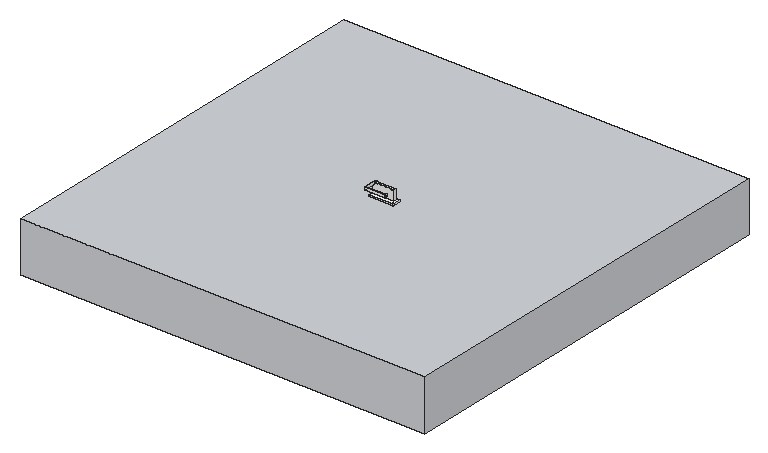
Revit family "Toilet_Paper_Holder-Grohe-Allure-40499000xxx", category Specialty Equipment, host Face, Revit 2014
Parameters (values of type "40499000")
  Width = 2 7/8"
  URL = "https://www.grohe.us"
  Type Comments = ""
  Product Page URL = "https://www.grohe.us/en_us/grohe-allure-brilliant-toilet-paper-holder-40499000.html"
  Price = "Prices may vary. Please consult Manufacturer Representative for most up-to-date price list."  # constant formula
  Model = "40499000"
  Material = "Metal-Grohe-000-Chrome"
  Manufacturer = "Grohe"
  Length = 5 7/8"
  Installation Type = "Wall Mounted"
  Height = 3 7/8"
  Finish = Metal-Grohe-000-Chrome
  Description = "Atrio Brilliant Toilet Paper Holder"  # constant formula
  Default Elevation = 16"  # constant formula
  Creation Date = "08/02/2017"  # constant formula
  Assembly Code = "C1030200"
Reference planes (in)
  plane 1 "Center (Front/Back)": y = 0
  plane 2: z = 0
  plane 3 "Center (Left/Right)": x = 0
  plane 4: z = 2.875
  plane 5: x = -2.9375
  plane 6: x = 2.9375
  plane 7: y = 1
  plane 8: y = -1
  plane 9: y = -2.875
Forms (in)
  Extrusion 1, solid
    sketch origin (0, 0, 0) x (1, 0, 0) y (0, 1, 0)
      loop
        line (-48, 48) -> (-48, -48) -> (48, -48) -> (48, 48) -> (-48, 48)
    from 0 to -12
  Extrusion 2, solid, material "Metal-Grohe-000-Chrome" <- "Finish"
    sketch origin (0, 0, 0) x (1, 0, 0) y (0, 1, 0)
      loop
        line (-2.90994, -1) -> (2.90994, -1)
        arc (2.90994, -1) -> (2.92943, -0.99193) -> (2.9375, -0.97244) r 0.02756
        line (2.9375, -0.97244) -> (2.9375, 0.97244)
        arc (2.9375, 0.97244) -> (2.92943, 0.99193) -> (2.90994, 1) r 0.02756
        line (2.90994, 1) -> (-2.90994, 1)
        arc (-2.90994, 1) -> (-2.92943, 0.99193) -> (-2.9375, 0.97244) r 0.02756
        line (-2.9375, 0.97244) -> (-2.9375, -0.97244)
        arc (-2.9375, -0.97244) -> (-2.92943, -0.99193) -> (-2.90994, -1) r 0.02756
    from 0 to 0.27223
  Blend 3, solid, material "Metal-Grohe-000-Chrome" <- "Finish"
    base sketch origin (0, 0, 0) x (1, 0, 0) y (0, 1, 0)
      loop
        line (2.90994, 1) -> (-2.90994, 1)
        arc (-2.90994, 1) -> (-2.92943, 0.99193) -> (-2.9375, 0.97244) r 0.02756
        line (-2.9375, 0.97244) -> (-2.9375, -0.97244)
        arc (-2.9375, -0.97244) -> (-2.92943, -0.99193) -> (-2.90994, -1) r 0.02756
        line (-2.90994, -1) -> (2.90994, -1)
        arc (2.90994, -1) -> (2.92943, -0.99193) -> (2.9375, -0.97244) r 0.02756
        line (2.9375, -0.97244) -> (2.9375, 0.97244)
        arc (2.9375, 0.97244) -> (2.92943, 0.99193) -> (2.90994, 1) r 0.02756
    top sketch origin (0, 0, 0) x (1, 0, 0) y (0, 1, 0)
      loop
        arc (-2.46457, -0.24434) -> (-2.45541, -0.26644) -> (-2.43332, -0.27559) r 0.03125
        line (-2.43332, -0.27559) -> (2.43332, -0.27559)
        arc (2.43332, -0.27559) -> (2.45541, -0.26644) -> (2.46457, -0.24434) r 0.03125
        line (2.46457, -0.24434) -> (2.46457, 0.24328)
        arc (2.46457, 0.24328) -> (2.4551, 0.26613) -> (2.43226, 0.27559) r 0.03231
        line (2.43226, 0.27559) -> (-2.43332, 0.27559)
        arc (-2.43332, 0.27559) -> (-2.45541, 0.26644) -> (-2.46457, 0.24434) r 0.03125
        line (-2.46457, 0.24434) -> (-2.46457, -0.24434)
    from 0.27223 to 0.51181
  Extrusion 4, solid, material "Metal-Grohe-000-Chrome" <- "Finish"
    sketch origin (0, 0, 0) x (0, 1, 0) y (0, 0, 1)
      loop
        line (0.27559, 0.51181) -> (0.27559, 2.84646)
        arc (0.27559, 2.84646) -> (0.26752, 2.86594) -> (0.24803, 2.87402) r 0.02756
        line (0.24803, 2.87402) -> (-0.17019, 2.87402)
        arc (-0.17019, 2.87402) -> (-0.18935, 2.86627) -> (-0.19774, 2.84737) r 0.02756
        line (-0.19774, 2.84737) -> (-0.27559, 0.51181) -> (0.27559, 0.51181)
    from -2.46457 to 2.46457
  Extrusion 5, solid, material "Metal-Grohe-000-Chrome" <- "Finish"
    sketch origin (0, 0, 0) x (1, 0, 0) y (0, 1, 0)
      loop
        arc (-2.18504, -2.67815) -> (-2.24072, -2.65509) -> (-2.26378, -2.59941) r 0.07874
        line (-2.26378, -2.59941) -> (-2.26378, -0.2253)
        arc (-2.26378, -0.2253) -> (-2.27185, -0.20581) -> (-2.29134, -0.19774) r 0.02756
        line (-2.29134, -0.19774) -> (-2.43307, -0.19774)
        arc (-2.43307, -0.19774) -> (-2.45256, -0.20581) -> (-2.46063, -0.2253) r 0.02756
        line (-2.46063, -0.2253) -> (-2.46063, -2.84744)
        arc (-2.46063, -2.84744) -> (-2.45256, -2.86693) -> (-2.43307, -2.875) r 0.02756
        line (-2.43307, -2.875) -> (2.43307, -2.875)
        arc (2.43307, -2.875) -> (2.45256, -2.86693) -> (2.46063, -2.84744) r 0.02756
        line (2.46063, -2.84744) -> (2.46063, -2.35138)
        arc (2.46063, -2.35138) -> (2.45256, -2.33189) -> (2.43307, -2.32382) r 0.02756
        line (2.43307, -2.32382) -> (2.29134, -2.32382)
        arc (2.29134, -2.32382) -> (2.27185, -2.33189) -> (2.26378, -2.35138) r 0.02756
        line (2.26378, -2.35138) -> (2.26378, -2.59941)
        arc (2.26378, -2.59941) -> (2.24072, -2.65509) -> (2.18504, -2.67815) r 0.07874
        line (2.18504, -2.67815) -> (-2.18504, -2.67815)
    from 2.32283 to 2.87402
Cuts and joins
  joined: Extrusion 4, Extrusion 5
Lines and regions (in)
  Masking region 1
    outline origin (0, 0, 0) x (1, 0, 0) y (0, 0, 1)
      loop
        line (2.46457, 2.87402) -> (-2.46457, 2.87402) -> (-2.46457, 0.51181) -> (-2.9375, 0.27223) -> (-2.9375, 0) -> (2.9375, 0) -> (2.9375, 0.27223) -> (2.46457, 0.51181) -> (2.46457, 2.87402)
  symbolic lines, detail levels medium+fine
    curve 1: line (-2.46457, 0, 0.51181) -> (2.46457, 0, 0.51181)
  symbolic lines, detail levels fine
    curve 2: line (-2.9375, 0, 0.27223) -> (2.9375, 0, 0.27223)
Dimensions and locks (in)
  plane 2 to plane 4 = 2 7/8"
  aligned and locked: plane 2 to Extrusion 1
  aligned and locked: level to Extrusion 1
